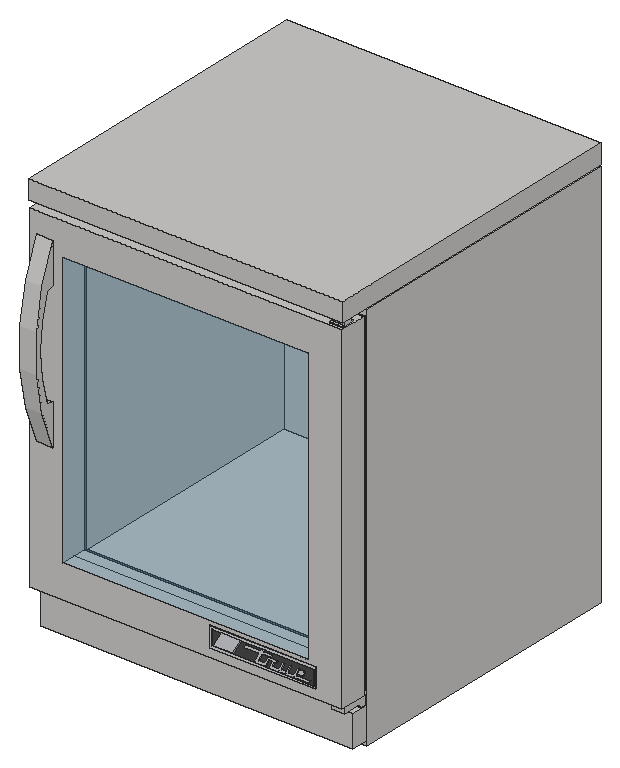
Revit family "QF_TRUE_TUC-24G-HC~FGD01_cat", category Specialty Equipment, Revit 2015 (continued)
Automatic sketch dimensions
  Split face 69 sketch curve to Extrusion 12 = 0.19365"
  Split face 69 sketch curve to Extrusion 12 = 0.13121"
  Split face 69 sketch curve to Extrusion 12 = 6.62992"
  Split face 69 sketch curve to Split face 69 sketch curve = 1/2"
  Split face 70 sketch curve to Extrusion 12 = 0.31871"
  Split face 70 sketch curve to Split face 70 sketch curve = 1/2"  (x2)
  Split face 70 sketch curve to Extrusion 12 = 6.62992"
  Split face 71 sketch curve to Extrusion 12 = 1.00621"
  Split face 71 sketch curve to Split face 71 sketch curve = 1/2"  (x2)
  Split face 71 sketch curve to Extrusion 12 = 6.62992"
  Split face 72 sketch curve to Extrusion 12 = 0.69365"
  Split face 72 sketch curve to Extrusion 12 = 0.19365"
  Split face 72 sketch curve to Extrusion 12 = 6.62992"
  Split face 72 sketch curve to Split face 72 sketch curve = 1/2"
  Split face 73 sketch curve to Extrusion 12 = 0.19365"
  Split face 73 sketch curve to Extrusion 12 = 0.13121"
  Split face 73 sketch curve to Extrusion 12 = 8.00492"
  Split face 73 sketch curve to Split face 73 sketch curve = 1/2"
  Split face 74 sketch curve to Extrusion 12 = 0.31871"
  Split face 74 sketch curve to Split face 74 sketch curve = 1/2"  (x2)
  Split face 74 sketch curve to Extrusion 12 = 8.00492"
  Split face 75 sketch curve to Extrusion 12 = 1.00621"
  Split face 75 sketch curve to Split face 75 sketch curve = 1/2"  (x2)
  Split face 75 sketch curve to Extrusion 12 = 8.00492"
  Split face 76 sketch curve to Extrusion 12 = 0.69365"
  Split face 76 sketch curve to Extrusion 12 = 0.19365"
  Split face 76 sketch curve to Extrusion 12 = 8.00492"
  Split face 76 sketch curve to Split face 76 sketch curve = 1/2"
  Split face 77 sketch curve to Extrusion 12 = 0.19365"
  Split face 77 sketch curve to Extrusion 12 = 0.13121"
  Split face 77 sketch curve to Extrusion 12 = 9.37992"
  Split face 77 sketch curve to Split face 77 sketch curve = 1/2"
  Split face 78 sketch curve to Extrusion 12 = 0.31871"
  Split face 78 sketch curve to Split face 78 sketch curve = 1/2"  (x2)
  Split face 78 sketch curve to Extrusion 12 = 9.37992"
  Split face 79 sketch curve to Extrusion 12 = 1.00621"
  Split face 79 sketch curve to Split face 79 sketch curve = 1/2"  (x2)
  Split face 79 sketch curve to Extrusion 12 = 9.37992"
  Split face 80 sketch curve to Extrusion 12 = 0.69365"
  Split face 80 sketch curve to Extrusion 12 = 0.19365"
  Split face 80 sketch curve to Extrusion 12 = 9.37992"
  Split face 80 sketch curve to Split face 80 sketch curve = 1/2"
  Split face 81 sketch curve to Extrusion 12 = 0.19365"
  Split face 81 sketch curve to Extrusion 12 = 0.13121"
  Split face 81 sketch curve to Extrusion 12 = 10.75492"
  Split face 81 sketch curve to Split face 81 sketch curve = 1/2"
  Split face 82 sketch curve to Extrusion 12 = 0.31871"
  Split face 82 sketch curve to Split face 82 sketch curve = 1/2"  (x2)
  Split face 82 sketch curve to Extrusion 12 = 10.75492"
  Split face 83 sketch curve to Extrusion 12 = 1.00621"
  Split face 83 sketch curve to Split face 83 sketch curve = 1/2"  (x2)
  Split face 83 sketch curve to Extrusion 12 = 10.75492"
  Split face 84 sketch curve to Extrusion 12 = 0.69365"
  Split face 84 sketch curve to Extrusion 12 = 0.19365"
  Split face 84 sketch curve to Extrusion 12 = 10.75492"
  Split face 84 sketch curve to Split face 84 sketch curve = 1/2"
  Split face 85 sketch curve to Extrusion 12 = 0.19365"
  Split face 85 sketch curve to Extrusion 12 = 0.13121"
  Split face 85 sketch curve to Extrusion 12 = 9.90981"
  Split face 85 sketch curve to Split face 85 sketch curve = 1/2"
  Split face 86 sketch curve to Extrusion 12 = 0.31871"
  Split face 86 sketch curve to Split face 86 sketch curve = 1/2"  (x2)
  Split face 86 sketch curve to Extrusion 12 = 9.90981"
  Split face 87 sketch curve to Extrusion 12 = 1.00621"
  Split face 87 sketch curve to Split face 87 sketch curve = 1/2"  (x2)
  Split face 87 sketch curve to Extrusion 12 = 9.90981"
  Split face 88 sketch curve to Extrusion 12 = 0.69365"
  Split face 88 sketch curve to Extrusion 12 = 0.19365"
  Split face 88 sketch curve to Extrusion 12 = 9.90981"
  Split face 88 sketch curve to Split face 88 sketch curve = 1/2"
  Split face 89 sketch curve to Extrusion 12 = 0.19365"
  Split face 89 sketch curve to Extrusion 12 = 0.13121"
  Split face 89 sketch curve to Extrusion 12 = 8.53481"
  Split face 89 sketch curve to Split face 89 sketch curve = 1/2"
  Split face 90 sketch curve to Extrusion 12 = 0.31871"
  Split face 90 sketch curve to Split face 90 sketch curve = 1/2"  (x2)
  Split face 90 sketch curve to Extrusion 12 = 8.53481"
  Split face 91 sketch curve to Extrusion 12 = 1.00621"
  Split face 91 sketch curve to Split face 91 sketch curve = 1/2"  (x2)
  Split face 91 sketch curve to Extrusion 12 = 8.53481"
  Split face 92 sketch curve to Extrusion 12 = 0.69365"
  Split face 92 sketch curve to Extrusion 12 = 0.19365"
  Split face 92 sketch curve to Extrusion 12 = 8.53481"
  Split face 92 sketch curve to Split face 92 sketch curve = 1/2"
  Split face 93 sketch curve to Extrusion 12 = 0.19365"
  Split face 93 sketch curve to Extrusion 12 = 0.13121"
  Split face 93 sketch curve to Extrusion 12 = 7.15981"
  Split face 93 sketch curve to Split face 93 sketch curve = 1/2"
  Split face 94 sketch curve to Extrusion 12 = 0.31871"
  Split face 94 sketch curve to Split face 94 sketch curve = 1/2"  (x2)
  Split face 94 sketch curve to Extrusion 12 = 7.15981"
  Split face 95 sketch curve to Extrusion 12 = 1.00621"
  Split face 95 sketch curve to Split face 95 sketch curve = 1/2"  (x2)
  Split face 95 sketch curve to Extrusion 12 = 7.15981"
  Split face 96 sketch curve to Extrusion 12 = 0.69365"
  Split face 96 sketch curve to Extrusion 12 = 0.19365"
  Split face 96 sketch curve to Extrusion 12 = 7.15981"
  Split face 96 sketch curve to Split face 96 sketch curve = 1/2"
  Split face 97 sketch curve to Extrusion 12 = 0.19365"
  Split face 97 sketch curve to Extrusion 12 = 0.13121"
  Split face 97 sketch curve to Extrusion 12 = 5.78481"
  Split face 97 sketch curve to Split face 97 sketch curve = 1/2"
  Split face 98 sketch curve to Extrusion 12 = 0.31871"
  Split face 98 sketch curve to Split face 98 sketch curve = 1/2"  (x2)
  Split face 98 sketch curve to Extrusion 12 = 5.78481"
  Split face 99 sketch curve to Extrusion 12 = 1.00621"
  Split face 99 sketch curve to Split face 99 sketch curve = 1/2"  (x2)
  Split face 99 sketch curve to Extrusion 12 = 5.78481"
  Split face 100 sketch curve to Extrusion 12 = 0.69365"
  Split face 100 sketch curve to Extrusion 12 = 0.19365"
  Split face 100 sketch curve to Extrusion 12 = 5.78481"
  Split face 100 sketch curve to Split face 100 sketch curve = 1/2"
  Split face 101 sketch curve to Extrusion 12 = 0.19365"
  Split face 101 sketch curve to Extrusion 12 = 0.13121"
  Split face 101 sketch curve to Extrusion 12 = 4.40981"
  Split face 101 sketch curve to Split face 101 sketch curve = 1/2"
  Split face 102 sketch curve to Extrusion 12 = 0.31871"
  Split face 102 sketch curve to Split face 102 sketch curve = 1/2"  (x2)
  Split face 102 sketch curve to Extrusion 12 = 4.40981"
  Split face 103 sketch curve to Extrusion 12 = 1.00621"
  Split face 103 sketch curve to Split face 103 sketch curve = 1/2"  (x2)
  Split face 103 sketch curve to Extrusion 12 = 4.40981"
  Split face 104 sketch curve to Extrusion 12 = 0.69365"
  Split face 104 sketch curve to Extrusion 12 = 0.19365"
  Split face 104 sketch curve to Extrusion 12 = 4.40981"
  Split face 104 sketch curve to Split face 104 sketch curve = 1/2"
  Split face 105 sketch curve to Extrusion 12 = 0.19365"
  Split face 105 sketch curve to Extrusion 12 = 0.13121"
  Split face 105 sketch curve to Extrusion 12 = 3.03481"
  Split face 105 sketch curve to Split face 105 sketch curve = 1/2"
  Split face 106 sketch curve to Extrusion 12 = 0.31871"
  Split face 106 sketch curve to Split face 106 sketch curve = 1/2"  (x2)
  Split face 106 sketch curve to Extrusion 12 = 3.03481"
  Split face 107 sketch curve to Extrusion 12 = 1.00621"
  Split face 107 sketch curve to Split face 107 sketch curve = 1/2"  (x2)
  Split face 107 sketch curve to Extrusion 12 = 3.03481"
  Split face 108 sketch curve to Extrusion 12 = 0.69365"
  Split face 108 sketch curve to Extrusion 12 = 0.19365"
  Split face 108 sketch curve to Extrusion 12 = 3.03481"
  Split face 108 sketch curve to Split face 108 sketch curve = 1/2"
  Split face 109 sketch curve to Extrusion 12 = 0.19365"
  Split face 109 sketch curve to Extrusion 12 = 0.13121"
  Split face 109 sketch curve to Extrusion 12 = 1.65981"
  Split face 109 sketch curve to Split face 109 sketch curve = 1/2"
  Split face 110 sketch curve to Extrusion 12 = 0.31871"
  Split face 110 sketch curve to Split face 110 sketch curve = 1/2"  (x2)
  Split face 110 sketch curve to Extrusion 12 = 1.65981"
  Split face 111 sketch curve to Extrusion 12 = 1.00621"
  Split face 111 sketch curve to Split face 111 sketch curve = 1/2"  (x2)
  Split face 111 sketch curve to Extrusion 12 = 1.65981"
  Split face 112 sketch curve to Extrusion 12 = 0.69365"
  Split face 112 sketch curve to Extrusion 12 = 0.19365"
  Split face 112 sketch curve to Extrusion 12 = 1.65981"
  Split face 112 sketch curve to Split face 112 sketch curve = 1/2"
  Extrusion 13 sketch curve to plane 6 "TOP" = 4.37288"
  Extrusion 13 sketch curve to plane 6 "TOP" = 7.49565"
  Extrusion 13 sketch curve to Extrusion 13 sketch curve = 0.15751"  (x2)
  Extrusion 13 sketch curve to plane 8 "Center X" = 0.96243"
  Extrusion 13 sketch curve to plane 6 "TOP" = 11.47122"  (x2)
  plane 8 "Center X" to Extrusion 13 sketch curve = 2.62853"
  Revolve 14 sketch curve to plane 10 = 0"
  plane 1 "BACK" to Revolve 14 sketch curve = 0"  (x2)
  plane 1 "BACK" to Revolve 14 sketch curve = 0.45325"
  plane 4 "RIGHT" to Revolve 14 sketch curve = 5.39021"
  Revolve 14 sketch curve to Revolve 14 sketch curve = 0"  (x2)
  Revolve 14 sketch curve to Revolve 14 sketch curve = 0.2111"
  Revolve 14 sketch curve to Revolve 14 sketch curve = 1/4"
  Revolve 15 sketch curve to plane 10 = 0"
  plane 1 "BACK" to Revolve 15 sketch curve = 0"  (x2)
  plane 1 "BACK" to Revolve 15 sketch curve = 0.45325"
  plane 3 "LEFT" to Revolve 15 sketch curve = 5.3902"
  Revolve 15 sketch curve to Revolve 15 sketch curve = 0"  (x2)
  Revolve 15 sketch curve to Revolve 15 sketch curve = 0.2111"
  Revolve 15 sketch curve to Revolve 15 sketch curve = 1/4"
  plane 3 "LEFT" to Extrusion 16 sketch curve = 2 9/16"
  plane 4 "RIGHT" to Extrusion 16 sketch curve = 2 9/16"
  Extrusion 16 sketch curve to plane 6 "TOP" = 5.26975"
  level to Extrusion 16 sketch curve = 6.34725"
  curve 1 to plane 3 "LEFT" = 0"
  plane 5 "FRONT" to curve 21 = 0"
  curve 9 to plane 10 = 0"
  plane 1 "BACK" to curve 7 = 0"
  plane 1 "BACK" to curve 14 = 0"
  curve 3 to plane 4 "RIGHT" = 0"
  plane 3 "LEFT" to curve 20 = 0.63048"
  plane 3 "LEFT" to curve 17 = 4.17575"
  plane 1 "BACK" to curve 9 = 0.45335"
  plane 3 "LEFT" to curve 9 = 4.89018"
  curve 9 to curve 7 = 0.28904"
  curve 6 to curve 8 = 0"
  curve 8 to curve 7 = 0.422"
  curve 8 to curve 5 = 0.49997"
  plane 1 "BACK" to curve 15 = 0.45325"
  plane 4 "RIGHT" to curve 15 = 5.89021"
  curve 14 to curve 13 = 0.2889"
  curve 14 to curve 12 = 0"
  curve 14 to curve 13 = 0.4222"
  curve 12 to curve 11 = 1/2"
  plane 4 "RIGHT" to curve 18 = 0.03644"
  plane 5 "FRONT" to curve 17 = 10.30952"
  curve 8 to curve 6 = 0.00007"
  plane 1 "BACK" to curve 11 = 0.45325"
  curve 19 to curve 21 = 1.24452"
  curve 9 to curve 10 = 0.00003"
  curve 5 to curve 10 = 0"
  curve 16 to curve 14 = 0"
  curve 11 to curve 16 = 0"  (x2)
  curve 17 to plane 4 "RIGHT" = 0.04099"
  curve 10 to curve 5 = 0.0001"
  curve 4 to plane 11 = 0"
  plane 11 to curve 18 = 1.49895"
  plane 11 to Extrusion 1 sketch curve = 2 3/8"
  plane 11 to Revolve 6 sketch curve = 2.66298"
  plane 11 to Revolve 7 sketch curve = 2.66298"
  Extrusion 8 sketch curve to plane 11 = 0"
  plane 11 to Extrusion 11 sketch curve = 0.249"
  plane 11 to Extrusion 11 sketch curve = 13/32"
  Extrusion 13 sketch curve to plane 11 = 0.65034"
  Extrusion 13 sketch curve to Extrusion 13 sketch curve = 7.63612"
  Extrusion 13 sketch curve to plane 11 = 1/16"
  Extrusion 13 sketch curve to Extrusion 13 sketch curve = 3.12277"
  Extrusion 1 sketch curve to plane 11 = 0"
  Extrusion 1 sketch curve to plane 6 "TOP" = 2.3085"
  Extrusion 1 sketch curve to plane 6 "TOP" = 0.8085"
  curve 17 to plane 11 = 0"
  plane 12 to Extrusion 1 sketch curve = 0"
  Extrusion 9 sketch curve to Extrusion 1 = 2.04763"
  Extrusion 1 to Extrusion 17 sketch curve = 3/16"  (x2)
  Extrusion 1 to Extrusion 17 sketch curve = 0.49225"
  Extrusion 1 to Extrusion 17 sketch curve = 2.74225"
  Extrusion 1 to Extrusion 17 sketch curve = 2 7/16"  (x2)
  Extrusion 17 sketch curve to Extrusion 1 = 5.941"
  Extrusion 17 sketch curve to Extrusion 17 sketch curve = 2 1/4"
  radius of Extrusion 9 sketch curve = 1/2"
Nested families (in)
  nested 1: "QF_LOGO_TRUE" at (13.9375, -25.75, 4.59725), Show Logo <- "Show Logo", type "QF_LOGO_TRUE", detail levels medium+fine
    with Show Logo yes
Connectors (in)
  electrical at (21.01061, -0.9375, 2.32888), driven by "Volts", driven by "Watts"
    settings: on Extrusion 9, index 1, voltage 115 V, apparent load 230 VA, apparent load phase1 0 VA, apparent load phase2 0 VA, apparent load phase3 0 VA, power factor 1, load classification "Other", number of poles 1, system type 30, power factor state 1, is connector primary yes, connector utility no, sub classification motor no, connector description "ELECTRICAL CONNECTION"
Definition of nested family "QF_LOGO_TRUE"
  Parameters (values of type "QF_LOGO_TRUE")
    Show Logo [instance] = yes
  Reference planes (in)
    plane 1 "Center (Front/Back)": y = 0
    plane 2: z = 0
    plane 3 "Center (Left/Right)": x = 0
  Forms (in)
    Extrusion 1, solid, visible <- "Show Logo"
      sketch origin (-78.34647, 34.76905, -30.51001) x (1, 0, 0) y (0, 0, 1)
        loop
          line (81.15226, 31.65456) -> (81.07353, 31.48573) -> (82.12083, 31.48573)
          arc (82.12083, 31.48573) -> (82.14208, 31.44814) -> (82.12083, 31.41055) r 0.04386
          line (82.12083, 31.41055) -> (81.84767, 30.82478)
          arc (81.84767, 30.82478) -> (81.84531, 30.77052) -> (81.882, 30.73048) r 0.07096
          line (81.882, 30.73048) -> (82.55165, 30.73048)
          arc (82.55165, 30.73048) -> (82.63621, 30.75714) -> (82.69019, 30.82748) r 0.14742
          line (82.69019, 30.82748) -> (82.90515, 31.28847) -> (83.10265, 31.28847)
          arc (83.10265, 31.28847) -> (83.15447, 31.26942) -> (83.14697, 31.21472) r 0.04405
          line (83.14697, 31.21472) -> (82.9671, 30.82899)
          arc (82.9671, 30.82899) -> (82.9699, 30.76493) -> (83.02398, 30.73048) r 0.06943
          line (83.02398, 30.73048) -> (83.6124, 30.73048)
          arc (83.6124, 30.73048) -> (83.65748, 30.74689) -> (83.68147, 30.78844) r 0.07014
          arc (83.68147, 30.78844) -> (83.69845, 30.74745) -> (83.73943, 30.73048) r 0.05796
          line (83.73943, 30.73048) -> (84.112, 30.73048)
          arc (84.112, 30.73048) -> (84.15504, 30.74201) -> (84.18655, 30.77352) r 0.08608
          arc (84.18655, 30.77352) -> (84.20164, 30.7371) -> (84.23806, 30.72202) r 0.0515
          line (84.23806, 30.72202) -> (84.76757, 30.72202)
          arc (84.76757, 30.72202) -> (84.81086, 30.73995) -> (84.8288, 30.78324) r 0.06122
          arc (84.8288, 30.78324) -> (84.86848, 30.74355) -> (84.92269, 30.72903) r 0.10842
          line (84.92269, 30.72903) -> (85.91461, 30.72903) -> (86.02479, 30.91987) -> (85.0243, 30.91987)
          arc (85.0243, 30.91987) -> (84.99669, 30.93902) -> (84.99566, 30.97261) r 0.03732
          line (84.99566, 30.97261) -> (85.01297, 31.00972)
          arc (85.01297, 31.00972) -> (85.03954, 31.04453) -> (85.0813, 31.05774) r 0.07263
          line (85.0813, 31.05774) -> (85.40289, 31.05774)
          arc (85.40289, 31.05774) -> (85.4723, 31.07633) -> (85.52311, 31.12715) r 0.13882
          line (85.52311, 31.12715) -> (85.61625, 31.28847)
          arc (85.61625, 31.28847) -> (85.61625, 31.37458) -> (85.54168, 31.41763) r 0.08611
          line (85.54168, 31.41763) -> (85.20227, 31.41763)
          arc (85.20227, 31.41763) -> (85.11574, 31.40294) -> (85.05538, 31.33923) r 0.13863
          line (85.05538, 31.33923) -> (84.89409, 30.99333)
          arc (84.89409, 30.99333) -> (84.84649, 30.9313) -> (84.77191, 30.90778) r 0.13002
          line (84.77191, 30.90778) -> (84.41984, 30.90778)
          arc (84.41984, 30.90778) -> (84.3777, 30.95378) -> (84.38042, 31.0161) r 0.08151
          line (84.38042, 31.0161) -> (84.56766, 31.41763) -> (84.44849, 31.41763) -> (84.25012, 30.99222)
          arc (84.25012, 30.99222) -> (84.21158, 30.94199) -> (84.15119, 30.92296) r 0.10527
          line (84.15119, 30.92296) -> (83.90842, 30.92296)
          arc (83.90842, 30.92296) -> (83.8674, 30.97642) -> (83.87619, 31.04323) r 0.08805
          line (83.87619, 31.04323) -> (84.05078, 31.41763) -> (83.92772, 31.41763) -> (83.72676, 30.98668)
          arc (83.72676, 30.98668) -> (83.68011, 30.94003) -> (83.61639, 30.92296) r 0.12745
          line (83.61639, 30.92296) -> (83.26484, 30.92296)
          arc (83.26484, 30.92296) -> (83.2017, 30.9524) -> (83.19563, 31.0218) r 0.06967
          line (83.19563, 31.0218) -> (83.31118, 31.26961) -> (83.47452, 31.26961)
          arc (83.47452, 31.26961) -> (83.50209, 31.35268) -> (83.56075, 31.41763) r 0.21289
          line (83.56075, 31.41763) -> (82.92244, 31.41763)
          arc (82.92244, 31.41763) -> (82.85151, 31.40191) -> (82.80242, 31.34834) r 0.12081
          line (82.80242, 31.34834) -> (82.6294, 30.9773)
          arc (82.6294, 30.9773) -> (82.58962, 30.93752) -> (82.53528, 30.92296) r 0.10869
          line (82.53528, 30.92296) -> (82.1542, 30.92296)
          arc (82.1542, 30.92296) -> (82.12446, 30.96315) -> (82.13012, 31.01283) r 0.06822
          line (82.13012, 31.01283) -> (82.38156, 31.48573) -> (83.01596, 31.48573) -> (83.09469, 31.65456) -> (82.46029, 31.65456) -> (82.53902, 31.8234) -> (82.31334, 31.8234) -> (82.23461, 31.65456) -> (81.15226, 31.65456)
        loop
          arc (85.15937, 31.26434) -> (85.13191, 31.25698) -> (85.1118, 31.23688) r 0.05494
          line (85.1118, 31.23688) -> (85.09547, 31.18665)
          arc (85.09547, 31.18665) -> (85.10304, 31.16837) -> (85.12133, 31.16079) r 0.02586
          line (85.12133, 31.16079) -> (85.39889, 31.16079)
          arc (85.39889, 31.16079) -> (85.41888, 31.16523) -> (85.43513, 31.1777) r 0.04731
          line (85.43513, 31.1777) -> (85.44863, 31.2402)
          arc (85.44863, 31.2402) -> (85.44466, 31.25693) -> (85.42914, 31.26434) r 0.01994
          line (85.42914, 31.26434) -> (85.15937, 31.26434)
        loop
          line (78.62961, 30.74125) -> (80.12032, 30.74125) -> (80.73891, 31.81268) -> (79.2482, 31.81268) -> (78.62961, 30.74125)
      from 34.76797 to 34.83173
    Extrusion 2, solid, visible <- "Show Logo"
      sketch origin (-142.84857, 34.75108, -33.3546) x (1, 0, 0) y (0, 0, 1)
        loop
          line (150.81107, 34.71978) -> (142.98607, 34.71978) -> (142.98607, 33.4921) -> (150.81107, 33.4921) -> (150.81107, 34.71978)
      from 34.75108 to 34.78125
    Extrusion 3, solid, visible <- "Show Logo"
      sketch origin (-142.84857, 34.75108, -33.3546) x (1, 0, 0) y (0, 0, 1)
        loop
          line (150.94857, 34.85727) -> (142.84857, 34.85727) -> (142.84857, 33.3546) -> (150.94857, 33.3546) -> (150.94857, 34.85727)
        loop
          line (142.98607, 34.71978) -> (142.98607, 33.4921) -> (150.81107, 33.4921) -> (150.81107, 34.71978) -> (142.98607, 34.71978)
      from 34.75108 to 34.81376
    Extrusion 4, solid, not visible
      sketch origin (121.45701, -16.5, 4.98235) x (1, 0, 0) y (0, 0, 1)
        loop
          line (25.20115, 35.89949) -> (25.20115, 33.96647) -> (30.95381, 33.96647) -> (30.95381, 35.89949) -> (25.20115, 35.89949)
      from 31.5 to 31.54261
    Extrusion 5, solid, not visible
      sketch origin (121.45701, -16.5, 4.98235) x (1, 0, 0) y (0, 0, 1)
        loop
          line (26.7387, 34.95472) -> (26.61492, 34.49276) -> (27.038, 34.49276)
          arc (27.038, 34.49276) -> (27.13117, 34.52484) -> (27.18485, 34.60749) r 0.15134
          arc (27.18485, 34.60749) -> (27.20396, 34.68138) -> (27.22435, 34.75493) r 4.37326
          arc (27.22435, 34.75493) -> (27.23458, 34.81765) -> (27.22435, 34.88037) r 0.1974
          arc (27.22435, 34.88037) -> (27.18247, 34.93579) -> (27.11563, 34.95472) r 0.10914
          line (27.11563, 34.95472) -> (26.7387, 34.95472)
        loop
          line (26.90201, 34.80638) -> (26.84645, 34.59903) -> (26.92855, 34.59903)
          arc (26.92855, 34.59903) -> (26.98205, 34.6185) -> (27.01051, 34.6678) r 0.08322
          line (27.01051, 34.6678) -> (27.02399, 34.74424)
          arc (27.02399, 34.74424) -> (27.01491, 34.78454) -> (26.97985, 34.80638) r 0.05353
          line (26.97985, 34.80638) -> (26.90201, 34.80638)
        loop
          line (27.45336, 34.66131) -> (27.76233, 34.66131) -> (27.78859, 34.73909)
          arc (27.78859, 34.73909) -> (27.7878, 34.82039) -> (27.73107, 34.87864) r 0.10925
          arc (27.73107, 34.87864) -> (27.68233, 34.8944) -> (27.63139, 34.89974) r 0.24595
          line (27.63139, 34.89974) -> (27.46708, 34.89974)
          arc (27.46708, 34.89974) -> (27.4068, 34.88073) -> (27.3535, 34.84677) r 0.2421
          arc (27.3535, 34.84677) -> (27.2897, 34.76363) -> (27.26702, 34.66131) r 0.2421
          line (27.26702, 34.66131) -> (27.26702, 34.54477)
          arc (27.26702, 34.54477) -> (27.31618, 34.4956) -> (27.38334, 34.47761) r 0.13431
          line (27.38334, 34.47761) -> (27.59054, 34.47761)
          arc (27.59054, 34.47761) -> (27.63459, 34.48281) -> (27.67622, 34.49812) r 0.18924
          line (27.67622, 34.49812) -> (27.73102, 34.61563)
          arc (27.73102, 34.61563) -> (27.68453, 34.59565) -> (27.63566, 34.58252) r 0.35376
          arc (27.63566, 34.58252) -> (27.55885, 34.56956) -> (27.48204, 34.58252) r 0.23415
          arc (27.48204, 34.58252) -> (27.44492, 34.61362) -> (27.45336, 34.66131) r 0.04838
        loop
          line (27.4842, 34.73042) -> (27.62012, 34.73042) -> (27.62621, 34.76496)
          arc (27.62621, 34.76496) -> (27.58961, 34.80242) -> (27.53739, 34.80638) r 0.0742
          arc (27.53739, 34.80638) -> (27.49747, 34.77773) -> (27.4842, 34.73042) r 0.0742
        loop
          line (27.91616, 34.97572) -> (27.78675, 34.49276) -> (27.98645, 34.49276) -> (28.11586, 34.97572) -> (27.91616, 34.97572)
        loop
          line (28.13678, 34.66131) -> (28.08755, 34.47761) -> (28.27134, 34.47761) -> (28.32056, 34.66131) -> (28.43674, 34.66131) -> (28.47974, 34.78864) -> (28.36519, 34.78864)
          arc (28.36519, 34.78864) -> (28.35733, 34.81649) -> (28.36921, 34.84288) r 0.04231
          arc (28.36921, 34.84288) -> (28.431, 34.8652) -> (28.49617, 34.85686) r 0.13988
          line (28.49617, 34.85686) -> (28.53544, 34.97317)
          arc (28.53544, 34.97317) -> (28.39725, 34.99096) -> (28.25905, 34.97317) r 0.54546
          arc (28.25905, 34.97317) -> (28.20849, 34.91994) -> (28.18197, 34.85147) r 0.1894
          line (28.18197, 34.85147) -> (28.17089, 34.78864) -> (28.11397, 34.78864) -> (28.07985, 34.66131) -> (28.13678, 34.66131)
        loop
          arc (28.74846, 34.89756) -> (28.65884, 34.88533) -> (28.56922, 34.89756) r 0.33455
          line (28.56922, 34.89756) -> (28.45669, 34.47761) -> (28.63593, 34.47761) -> (28.74846, 34.89756)
        loop
          arc (28.60398, 35.01195) -> (28.57699, 34.97173) -> (28.60398, 34.9315) r 0.04347
          line (28.60398, 34.9315) -> (28.75755, 34.9315)
          arc (28.75755, 34.9315) -> (28.78645, 34.96687) -> (28.77911, 35.01195) r 0.0556
          line (28.77911, 35.01195) -> (28.60398, 35.01195)
        loop
          line (28.95336, 34.66131) -> (29.26233, 34.66131) -> (29.28859, 34.73909)
          arc (29.28859, 34.73909) -> (29.2878, 34.82039) -> (29.23107, 34.87864) r 0.10925
          arc (29.23107, 34.87864) -> (29.18233, 34.8944) -> (29.13139, 34.89974) r 0.24595
          line (29.13139, 34.89974) -> (28.96708, 34.89974)
          arc (28.96708, 34.89974) -> (28.9068, 34.88073) -> (28.8535, 34.84677) r 0.2421
          arc (28.8535, 34.84677) -> (28.7897, 34.76363) -> (28.76702, 34.66131) r 0.2421
          line (28.76702, 34.66131) -> (28.76702, 34.54477)
          arc (28.76702, 34.54477) -> (28.81618, 34.4956) -> (28.88334, 34.47761) r 0.13431
          line (28.88334, 34.47761) -> (29.09054, 34.47761)
          arc (29.09054, 34.47761) -> (29.13459, 34.48281) -> (29.17622, 34.49812) r 0.18924
          line (29.17622, 34.49812) -> (29.23102, 34.61563)
          arc (29.23102, 34.61563) -> (29.18453, 34.59565) -> (29.13566, 34.58252) r 0.35376
          arc (29.13566, 34.58252) -> (29.05885, 34.56956) -> (28.98204, 34.58252) r 0.23415
          arc (28.98204, 34.58252) -> (28.94492, 34.61362) -> (28.95336, 34.66131) r 0.04838
        loop
          line (28.9842, 34.73042) -> (29.12012, 34.73042) -> (29.12621, 34.76496)
          arc (29.12621, 34.76496) -> (29.08961, 34.80242) -> (29.03739, 34.80638) r 0.0742
          arc (29.03739, 34.80638) -> (28.99747, 34.77773) -> (28.9842, 34.73042) r 0.0742
        loop
          line (29.41616, 34.97572) -> (29.28675, 34.49276) -> (29.48645, 34.49276) -> (29.61586, 34.97572) -> (29.41616, 34.97572)
        loop
          line (29.99836, 34.97572) -> (29.95192, 34.80242)
          arc (29.95192, 34.80242) -> (29.94473, 34.85705) -> (29.90102, 34.89059) r 0.07199
          arc (29.90102, 34.89059) -> (29.80023, 34.89941) -> (29.70251, 34.87322) r 0.29131
          arc (29.70251, 34.87322) -> (29.61806, 34.7652) -> (29.5896, 34.63108) r 0.30433
          line (29.5896, 34.63108) -> (29.5896, 34.55572)
          arc (29.5896, 34.55572) -> (29.61075, 34.50463) -> (29.66184, 34.48348) r 0.07224
          line (29.66184, 34.48348) -> (29.78537, 34.48348)
          arc (29.78537, 34.48348) -> (29.83854, 34.51313) -> (29.88504, 34.55243) r 0.31609
          line (29.88504, 34.55243) -> (29.86905, 34.49276) -> (30.05973, 34.49276) -> (30.18914, 34.97572) -> (29.99836, 34.97572)
        loop
          arc (29.84537, 34.75931) -> (29.79424, 34.71128) -> (29.77745, 34.64317) r 0.12371
          arc (29.77745, 34.64317) -> (29.80071, 34.59901) -> (29.85056, 34.59647) r 0.05045
          arc (29.85056, 34.59647) -> (29.90141, 34.64047) -> (29.92536, 34.7033) r 0.13769
          arc (29.92536, 34.7033) -> (29.90211, 34.75521) -> (29.84537, 34.75931) r 0.05543
        loop
          line (26.45047, 35.26762) -> (26.58211, 35.26762)
          arc (26.58211, 35.26762) -> (26.60467, 35.30821) -> (26.62126, 35.35157) r 0.3277
          arc (26.62126, 35.35157) -> (26.62714, 35.39992) -> (26.60877, 35.44503) r 0.09693
          arc (26.60877, 35.44503) -> (26.56454, 35.48868) -> (26.50462, 35.50516) r 0.12312
          arc (26.50462, 35.50516) -> (26.44158, 35.50565) -> (26.37854, 35.50546) r 5.76967
          arc (26.37854, 35.50546) -> (26.07462, 35.42923) -> (25.81045, 35.26076) r 0.97743
          line (25.81045, 35.26076) -> (25.85921, 35.26076)
          arc (25.85921, 35.26076) -> (26.08494, 35.39361) -> (26.3396, 35.45485) r 0.88817
          arc (26.3396, 35.45485) -> (26.41429, 35.44188) -> (26.47267, 35.39352) r 0.14748
          arc (26.47267, 35.39352) -> (26.48041, 35.32725) -> (26.45047, 35.26762) r 0.11636
        loop
          arc (26.35412, 35.17841) -> (26.19578, 35.0555) -> (26.00982, 34.98069) r 0.72453
          arc (26.00982, 34.98069) -> (25.9036, 34.95581) -> (25.79459, 34.9604) r 0.40201
          arc (25.79459, 34.9604) -> (25.7275, 34.98819) -> (25.69972, 35.05528) r 0.09488
          arc (25.69972, 35.05528) -> (25.71867, 35.12629) -> (25.77049, 35.17841) r 0.1425
          line (25.77049, 35.17841) -> (25.73665, 35.18748)
          arc (25.73665, 35.18748) -> (25.67632, 35.09876) -> (25.66924, 34.99171) r 0.20432
          arc (25.66924, 34.99171) -> (25.71443, 34.9227) -> (25.79473, 34.90384) r 0.11116
          arc (25.79473, 34.90384) -> (25.91172, 34.89904) -> (26.02716, 34.91862) r 0.56145
          arc (26.02716, 34.91862) -> (26.27675, 35.021) -> (26.49584, 35.17841) r 1.15683
          line (26.49584, 35.17841) -> (26.35412, 35.17841)
      from 31.54261 to 31.56272
  Dimensions and locks (in)
    aligned and locked: level to plane 2
    aligned and locked: Extrusion 2 to Extrusion 3  (x2)
    aligned and locked: Extrusion 2 sketch curve to Extrusion 3
